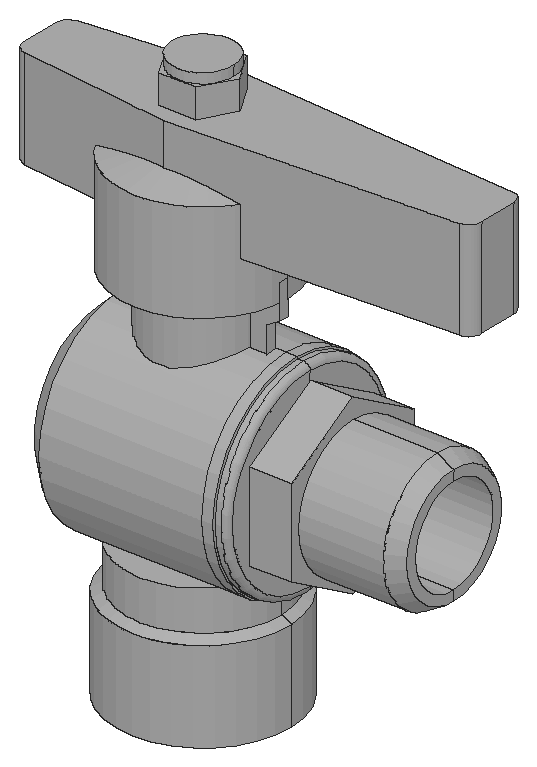
Revit family "QD01210000", category Apparecchi idraulici, Revit 2020
Family settings
  Quota connettore circolare = Usa diametro
  Tipo di parte = Normale
  Numero OmniClass = 23.45.00.00
  Titolo OmniClass = Sanitary, Laundry, and Cleaning Equipment
  Basato su piano di lavoro = No
  Sempre verticale = Sì
  Taglio con vuoti quando caricato = No
  Condiviso = No
  Punto di calcolo locali = No
Parameters
  URL = "https://web.cimberio.com/index.php/figura/1091?subcategoria_id=64"
  Temperatura di esercizio = "-20 ÷ 150°C"
  Prospetto di default = 0 mm
  Produttore = "CIMBERIO SPA"
  Pressione nominale = "PN 40"
  Modello = "Cim 230OT"
  Materiale = "Prodotto in lega di ottone conforme alla norma EN 12165-CW617N-DW"
  Descrizione = "Realizzato in ottemperanza ai requisiti gestionali della norma EN ISO 9001.\r\nUtilizzato per la regolazione della temperatura degli ambienti e comandare apparecchi degli impianti di riscaldamento e condizionamento."
  DN Model [instance] = QD01212102 : QD01212102
  DN [instance] = 15 mm
  Commenti sul tipo = "Utilizzato nei più svariati settori dell'impiantistica: impianti di riscaldamento, condizionamento, idrici, igienico-sanitari, aria compressa, reti di distribuzione oli, benzine, vapore saturo e in generale con ogni fluido non corrosivo"
Reference planes
  plane 1 "Centro (Fronte/Retro)": y = 0
  plane 2: z = 0
  plane 3 "Centro (Sinistra/Destra)": x = 0
Dimensions and locks
  aligned and locked: level to plane 2
Nested families
  nested 1: "QD01212102" at (0, 0, 0), type <- "DN Model", type "QD01212102"
  nested 2: "QD01212102" at (0, 0, 0), type <- "DN Model", type "QD01212102"
  nested 3: "QD01212102" at (0, 0, 0), type <- "DN Model", type "QD01212102"
Connectors
  piping at (38.348, 0, 0), diameter 15, driven by "DN"
    settings: on nested 1, index 1, connector inside diameter 609.6 mm, connector length 0 mm, flow factor 0, pipe flow 0.0 L/s, pressure drop 0.0 Pa, fitting loss kfactor 0, connector angle 0.00°, fixture units 0, engagement length 0 mm, angle of deflection 0.00°, flow configuration 0, flow direction 0, fitting loss method 0, system type 7, joint type 0, gender type 0, connector reference index -1, connector utility 0, adjustable connector no, is connector primary yes, connector description ""
  piping at (0, 0, -35), diameter 15, driven by "DN"
    settings: on nested 1, index 2, connector inside diameter 609.6 mm, connector length 0 mm, flow factor 0, pipe flow 0.0 L/s, pressure drop 0.0 Pa, fitting loss kfactor 0, connector angle 0.00°, fixture units 0, engagement length 0 mm, angle of deflection 0.00°, flow configuration 0, flow direction 0, fitting loss method 0, system type 7, joint type 0, gender type 0, connector reference index -1, connector utility 0, adjustable connector no, is connector primary no, connector description ""
Definition of nested family "QD01212102"
  Parameters (values of type "QD01212102")
    Default Elevation = 0 mm
  Reference planes
    plane 1 "Centro (Fronte/Retro)": y = 0
    plane 2: z = 0
    plane 3 "Centro (Sinistra/Destra)": x = 0
  Forms (mm)
    Revolve 1, solid
      sketch origin (0, 0, 0) x (1, 0, 0) y (0, 0, 1)
        loop
          line (-12.25, -16) -> (12.6, -16) -> (14.35, -16) -> (14.35, -7.5) -> (-8.955, -7.5) -> (-8.955, 0) -> (-15.5, 0) -> (-15.5, -12.75) -> (-12.25, -16)
        axis (-15.5, 0) -> (14.35, 0)
      angle from 0 to 360
    Extrusion 2, solid
      sketch origin (0, 0, 28.55) x (1, 0, 0) y (0, 1, 0)
        loop
          circle (0, 0) r 8.45
        loop
          circle (0, 0) r 6.348
      from -20.832 to 5.337
    Revolve 3, solid
      sketch origin (0, 0, 0) x (1, 0, 0) y (0, 0, 1)
        loop
          line (-13, 38.707) -> (-13, 23.483) -> (-8.92, 23.483) -> (-8.92, 33.247) -> (0, 33.247) -> (0, 40.8)
          arc (0, 40.8) -> (-6.59, 40.314) -> (-13, 38.707) r 38.42
        axis (0, 40.8) -> (0, 23.483)
      angle from 0 to 360
    Extrusion 4, void
      sketch origin (0, 0, 28.55) x (1, 0, 0) y (0, 1, 0)
        loop
          line (-8.682, 0) -> (-12.25, 0)
          arc (-12.25, 0) -> (-8.662, -8.662) -> (0, -12.25) r 12.25
          line (0, -12.25) -> (0, -7.437)
          arc (0, -7.437) -> (-5.627, -5.22) -> (-8.682, 0) r 9.25
      from -7.705 to 0.295
    Extrusion 5, solid
      sketch origin (0, 0, 46.5) x (0, 1, 0) y (-1, 0, 0)
        loop
          line (0, 5.6) -> (-4.85, 2.8) -> (-4.85, -2.8) -> (0, -5.6) -> (4.85, -2.8) -> (4.85, 2.8) -> (0, 5.6)
      from 0 to 4.5
    Extrusion 6, solid
      sketch origin (0, 0, 51) x (0, 1, 0) y (-1, 0, 0)
        loop
          circle (0, 0) r 4.75
      from 0 to 1.5
    Extrusion 7, solid
      sketch origin (0, 0, 51) x (0, 1, 0) y (-1, 0, 0)
        loop
          line (7.567, 0) -> (5.067, 23.214)
          arc (5.067, 23.214) -> (4.415, 24.488) -> (3.078, 25) r 2
          line (3.078, 25) -> (-2.945, 25)
          arc (-2.945, 25) -> (-4.281, 24.488) -> (-4.933, 23.214) r 2
          line (-4.933, 23.214) -> (-7.433, 0) -> (-4.933, -43.116)
          arc (-4.933, -43.116) -> (-4.309, -44.455) -> (-2.936, -45) r 2
          line (-2.936, -45) -> (3.07, -45)
          arc (3.07, -45) -> (4.443, -44.455) -> (5.067, -43.116) r 2
          line (5.067, -43.116) -> (7.567, 0)
      from -19.745 to -4.5
    Revolve 8, solid
      sketch origin (0, 0, 0) x (1, 0, 0) y (0, 0, 1)
        loop
          line (-16.5, 0) -> (-16.151, -10) -> (-15.162, -10) -> (-15.162, 0) -> (-16.5, 0)
        axis (-16.5, 0) -> (-15.162, 0)
      angle from 0 to 360
    Revolve 9, solid
      sketch origin (0, 0, 0) x (1, 0, 0) y (0, 0, 1)
        loop
          arc (16.35, 14.749) -> (16.058, 15.457) -> (15.35, 15.75) r 1
          line (15.35, 15.75) -> (14.35, 15.75) -> (14.35, 7.5) -> (16.35, 7.5) -> (16.35, 14.749)
        axis (14.35, 0) -> (16.35, 0)
      angle from 0 to 360
    Revolve 10, solid
      sketch origin (0, 0, 0) x (1, 0, 0) y (0, 0, 1)
        loop
          line (-12, -14) -> (-12, -20.134) -> (-13.5, -21) -> (-13.5, -35) -> (0, -35) -> (0, -14) -> (-12, -14)
        axis (0, -14) -> (0, -35)
      angle from 0 to 360
    Extrusion 11, solid
      sketch origin (0, 0, 0) x (-1, 0, 0) y (0, 0, -1)
        loop
          line (-13, -26.345) -> (-6.613, -26.345) -> (-6.613, -11.799) -> (-11, -11.799) -> (-11, -19.89) -> (-13, -21.045) -> (-13, -26.345)
      from 0 to 1.497
    Revolve 12, solid
      sketch origin (0, 0, 0) x (1, 0, 0) y (0, 0, 1)
        loop
          line (22.848, 7.5) -> (38.348, 7.5) -> (38.348, 9.007) -> (35.924, 10.45) -> (22.848, 10.45) -> (22.848, 7.5)
        axis (38.348, 0) -> (22.848, 0)
      angle from 0 to 360
    Extrusion 13, solid
      sketch origin (0, 0, 0) x (0, 1, 0) y (0, 0, 1)
        loop
          circle (0, 0) r 7.5
        loop
          line (0, -13.5) -> (11.691, -6.75) -> (11.691, 6.75) -> (0, 13.5) -> (-11.691, 6.75) -> (-11.691, -6.75) -> (0, -13.5)
      from 16.35 to 22.848
  Cuts and joins
    Extrusion 4 cuts Revolve 3
    joined: Revolve 1, Extrusion 2
  Dimensions and locks
    aligned and locked: level to plane 2
